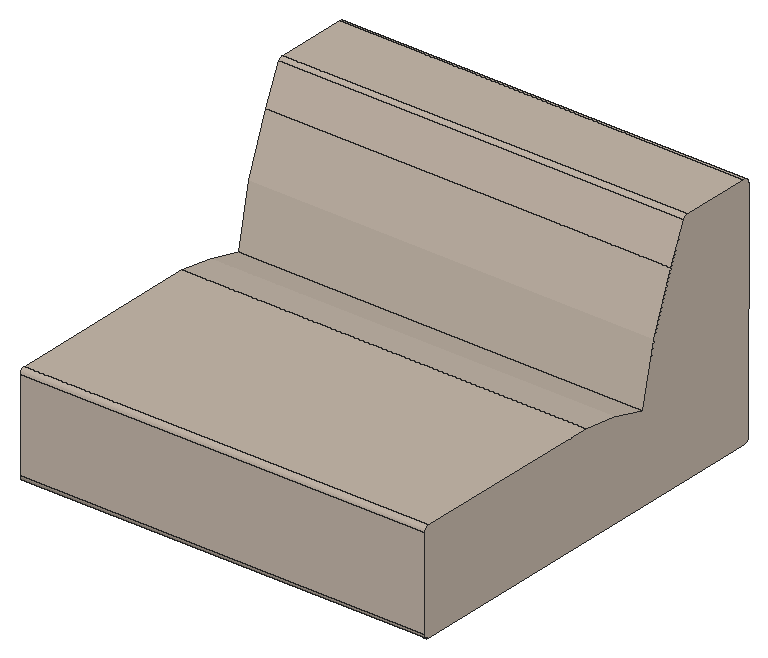
Revit family "FU_Modular_Sandler_Escala_ESC0209TA", category Furniture, Revit 2020
Family settings
  OmniClass Number = 23.40.20.00
  OmniClass Title = General Furniture and Specialties
  Work Plane-Based = No
  Always vertical = Yes
  Cut with Voids When Loaded = No
  Shared = No
  Room Calculation Point = No
Parameters (values of type "Escalas 0209TA")
  Width = 800 mm  # constant formula
  Upholstery [instance] = Fabric - Gravity - Wheat CPC21
  URL = "https://www.sandlerseating.com/product/esc0209ta/"
  Seat Height = 420 mm  # constant formula
  Seat Elevation = 220 mm  # constant formula
  Model = "Escalas 0209TA"
  Manufacturer = "Sandler"
  Height = 690 mm  # constant formula
  Description = "Upholstered 80cm center seat with backrest.\r\n47cm x 80cm x 80cm (measurements without base)"
  Depth = 800 mm  # constant formula
  Default Elevation = 0 mm
Reference planes
  plane 1 "Center (Front/Back)": y = 0
  plane 2: z = 0
  plane 3 "Center (Left/Right)": x = 0
  plane 4 "Right": x = -400
  plane 5 "Left": x = 400
  plane 6 "Front": y = -400
  plane 7 "Back": y = 400
  plane 8 "Elevation": z = 220
  plane 9 "Height": z = 690
  plane 10 "Seat height": z = 420
Forms (mm)
  Sweep 1, solid, material "Fabric - Gravity - Wheat CPC21" <- "Upholstery"
    path origin (0, 0, 220) x (-1, 0, 0) y (0, -1, 0)
      loop
        line (-400, -400) -> (400, -400)
    profile "Pro_Escalas_Seat_Shape : Pro_Escalas_Seat_Shape" origin (0, 400, 220) x (0, -1, 0) y (0, 0, 1)
      loop
        arc (790, 0) -> (797.071, 2.929) -> (800, 10) r 10
        line (800, 10) -> (800, 190)
        arc (800, 190) -> (797.071, 197.071) -> (790, 200) r 10
        line (790, 200) -> (400, 200)
        arc (400, 200) -> (329.19, 188.78) -> (260, 170) r 664.836
        arc (260, 170) -> (234.317, 284.408) -> (192.518, 393.96) r 816.842
        line (192.518, 393.96) -> (159.752, 464.226)
        arc (159.752, 464.226) -> (156.062, 468.434) -> (150.689, 470) r 10
        line (150.689, 470) -> (10, 470)
        arc (10, 470) -> (2.929, 467.071) -> (0, 460) r 10
        line (0, 460) -> (0, 10)
        arc (0, 10) -> (2.929, 2.929) -> (10, 0) r 10
        line (10, 0) -> (790, 0)
Dimensions and locks
  equal spacing: plane 4 "Right", plane 3 "Center (Left/Right)", plane 5 "Left"
  "Width": plane 4 "Right" to plane 5 "Left"
  equal spacing: plane 7 "Back", plane 1 "Center (Front/Back)", plane 6 "Front"
  "Depth": plane 7 "Back" to plane 6 "Front"
  "Height": plane 9 "Height" to level
  "Seat Height": plane 10 "Seat height" to level
  "Seat Elevation": plane 8 "Elevation" to level
  aligned and locked: level to plane 2
Automatic sketch dimensions
  Sweep 1 sketch curve to plane 5 "Left" = 0 mm
  Sweep 1 sketch curve to plane 4 "Right" = 0 mm
  Sweep 1 sketch curve to plane 7 "Back" = 0 mm
